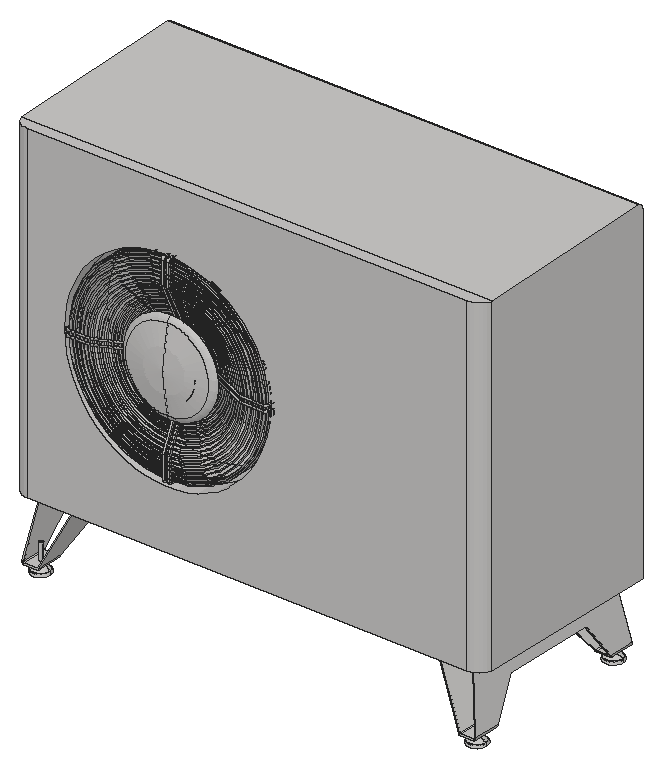
Revit family "HVAC_Heat-Pump_Enertech_CTC-EcoAir-406-408", category Specialty Equipment, Revit 2018 (continued)
Definition of nested family "614"
  Lines and regions (mm)
    symbolic lines, detail levels fine
      curve 339: arc (-587.347, 0, 1054.07) -> (0, 0, 1064.793) -> (587.347, 0, 1054.07) r 16090.193
      curve 344: line (-70.596, 0, 188) -> (-112.596, 0, 188)
      curve 357: line (0, 272.5, 770.435) -> (0, 272.5, 798.435)
      curve 358: line (0, 272.5, 949.222) -> (0, 272.5, 982.222)
      curve 359: line (0, 272.5, 322.457) -> (0, 272.5, 294.457)
      curve 364: line (551.759, 272.5, 0) -> (523.759, 272.5, 0)
  Dimensions and locks
    aligned and locked: level to plane 2
Types (4, lengths in mm): name | Weight | WaterVolumeHeathingSystem | SpecifiedOutput | SoundPowerLWA | Sound pressureLPA 5m | Sound pressureLPA 10m | SCOPWarm | SCOPCold | RatedVoltage | RatedHeatOutputModerate | RatedCurrent | NumberOfPoles | NominalVoltage | ModelNumber | MaxStartingCurrent | Model | InPutPower | EANNumber | COP | AirFlow
  CTC EcoAir 406 - 400V3N | "130" | "1.9 liters" | "6.2 kW" | "56 dB" | "37 dB" | "31 dB" | "4.8" | "3.4" | 1200 V | "5 kW" | 4 A | 3 | 400 V | "585600001" | "11.9 A" | "CTC EcoAir 406" | "1.3 kW" | "7333077000059" | "4.78" | "2500 m3/h"
  CTC EcoAir 408 - 400V3N | "150" | "2.4 liters" | "7.8 kW" | "58 dB" | "39 dB" | "33 dB" | "4.9" | "3.4" | 1200 V | "6 kW" | 4.9 A | 3 | 400 V | "585600002" | "10.8 A" | "CTC EcoAir 408" | "1.6 kW" | "7333077000066" | "4.83" | "2800 m3/h"
  CTC EcoAir 406 - 230V1N | "130" | "1.9 liters" | "6.2 kW" | "56 dB" | "37 dB" | "31 dB" | "4.8" | "3.5" | 230 V | "5 kW" | 10.3 A | 1 | 230 V | "585600011" | "22.8 A" | "CTC EcoAir 406" | "1.3 kW" | "7333077000103" | "4.78" | "2500 m3/h"
  CTC EcoAir 408 - 230V1N | "150" | "2.4 liters" | "7.8 kW" | "58 dB" | "39 dB" | "33 dB" | "4.9" | "3.4" | 230 V | "N/A" | 12.4 A | 1 | 230 V | "585600012" | "23.2 A" | "CTC EcoAir 408" | "1.6 kW" | "7333077000110" | "4.83" | "2800 m3/h"
